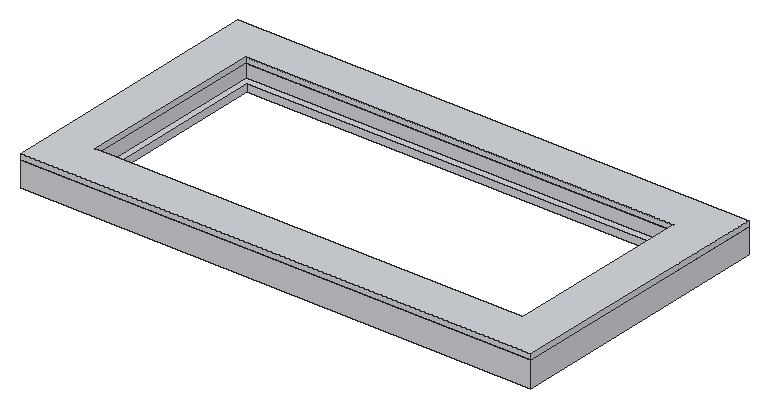
Revit family "Gira_100222", category Electrical Fixtures, host Face, Revit 2017
Family settings
  Host = Face
  Maintain Annotation Orientation = No
  Round Connector Dimension = Use Diameter
  Part Type = Normal
  Cut with Voids When Loaded = No
  Shared = No
  Room Calculation Point = No
Parameters (values of type "Cov.fr. 2-g w/o cb Gira E2 p.white m")
  With mounting grid = "No"
  With hinged lid = "No"
  URL = "http://katalog.gira.de/en/datenblatt.html?artikelnr=100222"
  Type of fastening = "Clamp mounting"
  Transparent = "No"
  Surface protection = "Other"
  Surface finishing = "Matt"
  Suitable for wall duct = "No"
  Suitable for flush-mounted installation = "Yes"
  Suitable for floor box = "No"
  Suitable for built-in installation = "No"
  Number of units vertical = "2"
  Number of units horizontal = "2"
  Number of units = "2"
  Name = "Cov.fr. 2-g w/o cb Gira E2 p.white m"
  Mounting direction = "Horizontal and vertical"
  Material quality = "Thermoplastic"
  Material = "Plastic"
  Manufacturer URL = "https://www.gira.de/"
  Manufacturer = "Gira"
  Label space/information surface = "No"
  Keynote = ""
  HeinzeBIM = "https://bimportal.heinze.de/bim/cov-fr-2-g-w-o-cb-gira-e2-p-white-m/e62ba23e712863fb5e0e6255cd9c153e98e60db7"
  Halogen free = "Yes"
  HAN = "100222"
  GTIN = "4010337002222"
  Description = "Cov.fr.2g w o cb E2 PWm,Gira E2 cover frame,pure white matt,2-gang without crossbar,Features:,- Shatter-proof.,,Notes :,- Also suitable for duct installation.,- In connection with the seal kit, frame (1-gang to 5-gang) is also suitable for installation as water-protected flush-mounted IP44."
  Degree of protection (IP) = "IP20"
  Default Elevation = 1219.2 mm
  Data sheet (1) = "https://katalog.gira.de/en/download.html?artikelnr=100222"
  Colour = "White"
  Category = "Cover frame for domestic switching devices"
  BIM (1) = "https://media.stage.bim.site/public/gira/36a6b08/E2_Rahmen_2fach o.Mittelsteg.rfa?public/gira/36a6b08/E2_Rahmen_2fach o.Mittelsteg.rfa"
  Available = "No"
Reference planes
  plane 1 "Center (Front/Back)": y = 0
  plane 2: z = 0
  plane 3 "Center (Left/Right)": x = 0
Forms (mm)
  Extrusion 1, solid, detail levels fine
    sketch origin (0, 0, 0) x (1, 0, 0) y (0, 1, 0)
      loop
        line (-75.95, 40.4) -> (-75.95, -40.4) -> (75.95, -40.4) -> (75.95, 40.4) -> (-75.95, 40.4)
      loop
        line (-63.602, -28.052) -> (63.602, -28.052) -> (63.602, 28.052) -> (-63.602, 28.052) -> (-63.602, -28.052)
    from 7.7 to 9.3
  Extrusion 2, solid, detail levels fine
    sketch origin (0, 0, 0) x (1, 0, 0) y (0, 1, 0)
      loop
        line (-75.95, 40.4) -> (-75.95, -40.4) -> (75.95, -40.4) -> (75.95, 40.4) -> (-75.95, 40.4)
      loop
        line (-74.148, -38.598) -> (74.148, -38.598) -> (74.148, 38.598) -> (-74.148, 38.598) -> (-74.148, -38.598)
    from 0 to 7.7
  Extrusion 3, solid, detail levels fine
    sketch origin (0, 0, 0) x (1, 0, 0) y (0, 1, 0)
      loop
        line (-61.45, -25.7) -> (61.451, -25.7) -> (61.451, 25.701) -> (-61.45, 25.701) -> (-61.45, -25.7)
      loop
        line (-63.602, 28.052) -> (-63.602, -28.052) -> (63.602, -28.052) -> (63.602, 28.052) -> (-63.602, 28.052)
    from 1.8 to 3.8
  Extrusion 4, solid, detail levels fine
    sketch origin (0, 0, 0) x (1, 0, 0) y (0, 1, 0)
      loop
        line (-63.602, -28.052) -> (63.602, -28.052) -> (63.602, 28.052) -> (-63.602, 28.052) -> (-63.602, -28.052)
      loop
        spline (65.089, 27.539) -> (65.072, 27.8) -> (65.021, 28.057) -> (64.937, 28.305) -> (64.821, 28.539) -> (64.676, 28.757) -> (64.504, 28.954) -> (64.307, 29.126) -> (64.089, 29.271) -> (63.855, 29.387) -> (63.607, 29.471) -> (63.35, 29.522) -> (63.089, 29.539)
        line (63.089, 29.539) -> (-63.089, 29.539)
        spline (-63.089, 29.539) -> (-63.35, 29.522) -> (-63.607, 29.471) -> (-63.855, 29.387) -> (-64.089, 29.271) -> (-64.307, 29.126) -> (-64.504, 28.954) -> (-64.676, 28.757) -> (-64.821, 28.539) -> (-64.937, 28.305) -> (-65.021, 28.057) -> (-65.072, 27.8) -> (-65.089, 27.539)
        line (-65.089, 27.539) -> (-65.089, -27.539)
        spline (-65.089, -27.539) -> (-65.072, -27.8) -> (-65.021, -28.057) -> (-64.937, -28.305) -> (-64.821, -28.539) -> (-64.676, -28.757) -> (-64.504, -28.954) -> (-64.307, -29.126) -> (-64.089, -29.271) -> (-63.855, -29.387) -> (-63.607, -29.471) -> (-63.35, -29.522) -> (-63.089, -29.539)
        line (-63.089, -29.539) -> (63.089, -29.539)
        spline (63.089, -29.539) -> (63.35, -29.522) -> (63.607, -29.471) -> (63.855, -29.387) -> (64.089, -29.271) -> (64.307, -29.126) -> (64.504, -28.954) -> (64.676, -28.757) -> (64.821, -28.539) -> (64.937, -28.305) -> (65.021, -28.057) -> (65.072, -27.8) -> (65.089, -27.539)
        line (65.089, -27.539) -> (65.089, 27.539)
    from 1.8 to 7.7
  Extrusion 5, solid, detail levels coarse+medium
    sketch origin (0, 0, 0) x (1, 0, 0) y (0, 1, 0)
      loop
        line (-75.95, 40.4) -> (-75.95, -40.4) -> (75.95, -40.4) -> (75.95, 40.4) -> (-75.95, 40.4)
    from 0 to 9.3
Dimensions and locks
  aligned and locked: plane 2 to host face
  aligned and locked: level to host face
